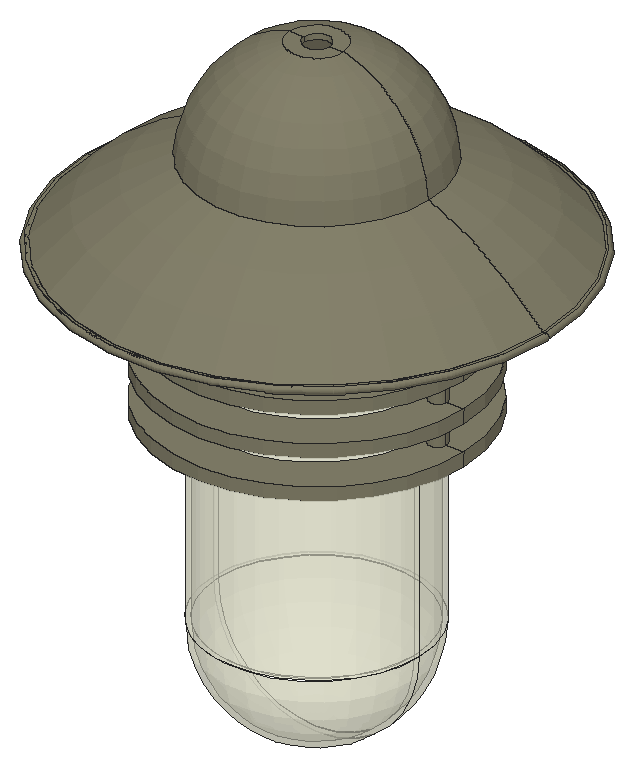
Revit family "LP2", category Lighting Fixtures, Revit 2024
Family settings
  Round Connector Dimension = Use Diameter
  Part Type = Normal
  OmniClass Number = 23.80.70.00
  OmniClass Title = Lighting
  Work Plane-Based = No
  Always vertical = Yes
  Cut with Voids When Loaded = No
  Light Source = No
  Maintain Annotation Orientation = No
  Shared = No
  Room Calculation Point = No
Parameters
  Default Elevation = 0' - 0"
Reference planes (in)
  plane 1 "Light Source Axis (F/B)": y = 0
  plane 2: z = 0
  plane 3 "Light Source Axis (L/R)": x = 0
  plane 4 "Light Source Elevation": z = 54
Forms (in)
  Revolve 1, solid, material "21"
    sketch origin (0, 0, 2) x (1, 0, 0) y (0, 0, 1)
      loop
        arc (-0.51671, 64) -> (-1.67626, 63.27834) -> (-2.18064, 62.00911) r 2.18461
        arc (-2.18064, 62.00911) -> (-3.36744, 61.37623) -> (-4.38122, 60.49233) r 5.93368
        line (-4.38122, 60.49233) -> (-4.4375, 60.49233)
        arc (-4.4375, 60.49233) -> (-4.5, 60.42983) -> (-4.4375, 60.36733) r 0.0625
        line (-4.4375, 60.36733) -> (-4.36762, 60.36733)
        arc (-4.36762, 60.36733) -> (-3.32354, 61.29261) -> (-2.0898, 61.94386) r 5.83993
        arc (-2.0898, 61.94386) -> (-1.62679, 63.19087) -> (-0.50534, 63.90625) r 2.09086
        line (-0.50534, 63.90625) -> (-0.25, 63.90625) -> (-0.25, 64) -> (-0.51671, 64)
      loop
        line (-2.8614, 60.11733) -> (-2.8614, 59.86733) -> (-2.09213, 59.86733) -> (-2.09213, 60.11733) -> (-2.8614, 60.11733)
      loop
        line (-2.8614, 59.36733) -> (-2.8614, 59.11733) -> (-2.09213, 59.11733) -> (-2.09213, 59.36733) -> (-2.8614, 59.36733)
      loop
        line (-2.8614, 58.61733) -> (-2.8614, 58.36733) -> (-2.09213, 58.36733) -> (-2.09213, 58.61733) -> (-2.8614, 58.61733)
      loop
        line (-2.8614, 57.86733) -> (-2.8614, 57.61733) -> (-2.09213, 57.61733) -> (-2.09213, 57.86733) -> (-2.8614, 57.86733)
      axis (0, 64) -> (0, 57.61733)
    angle from 0 to 360
  Revolve 2, solid, material "21"
    sketch origin (0, 0, 2) x (1, 0, 0) y (0, 0, 1)
      loop
        line (-2.34711, 57.86733) -> (-2.34711, 60.96354) -> (-2.51133, 60.96354) -> (-2.51133, 57.86733) -> (-2.34711, 57.86733)
      axis (-2.34711, 57.86733) -> (-2.34711, 60.96354)
    angle from 0 to 360
  Revolve 3, solid, material "21"
    sketch origin (0, 0, 2) x (-1, 0, 0) y (0, 0, -1)
      loop
        line (-2.34711, -57.86733) -> (-2.51133, -57.86733) -> (-2.51133, -60.96354) -> (-2.34711, -60.96354) -> (-2.34711, -57.86733)
      axis (-2.34711, -57.86733) -> (-2.34711, -60.96354)
    angle from 0 to 360
  Revolve 4, solid, material "VAPOR GLASS"
    sketch origin (0, 0, 0) x (1, 0, 0) y (0, 0, 1)
      loop
        arc (-2, 56) -> (-1.41421, 54.58579) -> (0, 54) r 2
        line (0, 54) -> (0, 54.09375)
        arc (0, 54.09375) -> (-1.34792, 54.65208) -> (-1.90625, 56) r 1.90625
        line (-1.90625, 56) -> (-1.90625, 62.84633) -> (-2, 62.84633) -> (-2, 56)
      axis (0, 62.84633) -> (0, 54)
    angle from 0 to 360
Dimensions and locks (in)
  aligned and locked: level to plane 2
